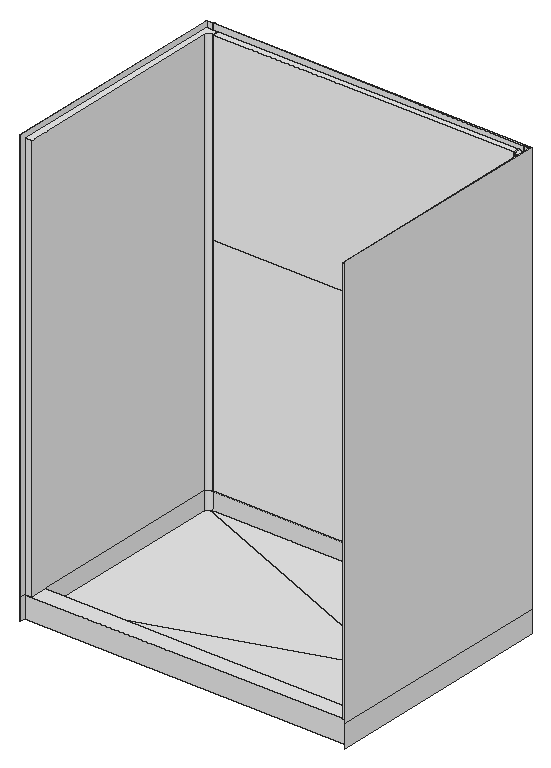
Revit family "5LES6042FB.V2 L-R", category Plumbing Fixtures, Revit 2019
Family settings
  Round Connector Dimension = Use Diameter
  Part Type = Normal
  OmniClass Number = 23.45.05.14.17
  OmniClass Title = Showers
  Work Plane-Based = No
  Always vertical = Yes
  Cut with Voids When Loaded = No
  Shared = No
  Room Calculation Point = No
Parameters (values of type "5LES6042FB.V2 L/R")
  Unit Width = 60"
  Unit Height = 80 1/2"
  Unit Depth = 43"
  URL = "http://www.bestbath.com/"
  Type Comments = "Remodeler"
  Model = "5LES6042FB.V2 L/R"
  Material [instance] = Best Bath Gelcoat Fiberglass - 4x8 Subway Tile
  Manufacturer = "Best Bath Systems, Inc."
  Keynote = "22 40 00.B3"
  Description = "Eight Inch Tile"
  Assembly Code = "D2010710"
Reference planes (in)
  plane 1: z = 0
  plane 2 "Left": x = 0
  plane 3: z = 79.5
  plane 4: z = 80.5
  plane 5: y = 4.36165
  plane 6: y = 46.36165
  plane 7: x = 60
  plane 8: y = 45.11165
  plane 9: y = 25.36165
  plane 10: z = 0.375
  plane 11: z = 0.75
  plane 12: z = 45.5
  plane 13: z = 4
  plane 14: y = 3.36165
  plane 15: z = 49.125
  plane 16: x = 51
  plane 17: z = 21.5
  plane 18: x = 30
Forms (in)
  Extrusion 1, solid, material "Best Bath Gelcoat Fiberglass - Smooth"
    sketch origin (0, 0, 0) x (1, 0, 0) y (0, 1, 0)
      loop
        line (0, 4.36165) -> (60, 4.36165) -> (60, 46.36165) -> (0, 46.36165) -> (0, 4.36165)
      loop
        circle (51, 25.36165) r 1.625
    from 0 to 0.75
  Extrusion 2, solid, material "Best Bath Gelcoat Fiberglass - Smooth"
    sketch origin (0, 0, 0) x (1, 0, 0) y (0, 1, 0)
      loop
        line (2.25, 46.36165) -> (2.25, 45.11165) -> (57.75, 45.11165) -> (57.75, 46.36165) -> (2.25, 46.36165)
    from 4 to 45.5
  Blend 3, void
    base sketch origin (0, 0, 0) x (1, 0, 0) y (0, 1, 0)
      loop
        line (1.25, 8.38049) -> (58.75, 8.38049) -> (58.75, 45.11165) -> (1.25, 45.11165) -> (1.25, 8.38049)
    top sketch origin (0, 0, 0) x (1, 0, 0) y (0, 1, 0)
      loop
        circle (51, 25.36165) r 0.07952
    from 0.75 to 0.375
  Extrusion 4, solid, material "Best Bath Gelcoat Fiberglass - Smooth"
    sketch origin (0, 0, 0) x (1, 0, 0) y (0, 1, 0)
      loop
        line (2.25, 46.36165) -> (2.25, 45.11165) -> (57.75, 45.11165) -> (57.75, 46.36165) -> (2.25, 46.36165)
    from 45.5 to 79.5
  Extrusion 5, solid, material "Best Bath Gelcoat Fiberglass - Smooth"
    sketch origin (0.25, 0, 0) x (1, 0, 0) y (0, 1, 0)
      loop
        line (-0.25, 4.36165) -> (1, 4.36165) -> (1, 44.11165)
        arc (1, 44.11165) -> (1.29289, 44.81875) -> (2, 45.11165) r 1
        line (2, 45.11165) -> (2, 46.36165) -> (-0.25, 46.36165) -> (-0.25, 4.36165)
      loop
        line (59.75, 4.36165) -> (59.75, 46.36165) -> (57.5, 46.36165) -> (57.5, 45.11165)
        arc (57.5, 45.11165) -> (58.20711, 44.81875) -> (58.5, 44.11165) r 1
        line (58.5, 44.11165) -> (58.5, 4.36165) -> (59.75, 4.36165)
    from 4 to 79.5
  Extrusion 6, solid, material "Best Bath Gelcoat Fiberglass - Smooth"
    sketch origin (0, 0, 0) x (1, 0, 0) y (0, 1, 0)
      loop
        line (0, 46.36165) -> (0, 4.36165) -> (1.25, 4.36165) -> (1.25, 44.11165)
        arc (1.25, 44.11165) -> (1.54289, 44.81875) -> (2.25, 45.11165) r 1
        line (2.25, 45.11165) -> (57.75, 45.11165)
        arc (57.75, 45.11165) -> (58.45711, 44.81875) -> (58.75, 44.11165) r 1
        line (58.75, 44.11165) -> (58.75, 4.36165) -> (60, 4.36165) -> (60, 45.11165) -> (60, 46.36165) -> (0, 46.36165)
    from 0 to 4
  Sweep 7, solid, material "Best Bath Gelcoat Fiberglass - Smooth"
    path origin (0, 0, 0) x (1, 0, 0) y (0, 1, 0)
      loop
        line (1.25, 4.36165) -> (58.75, 4.36165)
    profile origin (30, 4.36165, 0) x (0, 1, 0) y (0, 0, 1)
      loop
        line (0, 0) -> (3.8, 0) -> (3, 4) -> (0, 4) -> (0, 0)
  Extrusion 8, solid, material "Best Bath Gelcoat Fiberglass - Smooth"
    sketch origin (0, 0, 0) x (1, 0, 0) y (0, 1, 0)
      loop
        line (0, 4.36165) -> (0, 3.36165) -> (0.125, 3.36165) -> (0.125, 4.36165) -> (0, 4.36165)
      loop
        line (60, 4.36165) -> (59.875, 4.36165) -> (59.875, 3.36165) -> (60, 3.36165) -> (60, 4.36165)
    from 0 to 4
  Extrusion 9, solid, material "Best Bath Gelcoat Fiberglass - Smooth"
    sketch origin (0, 0, 0) x (1, 0, 0) y (0, 1, 0)
      loop
        line (1.25, 46.36165) -> (1.25, 46.23665) -> (58.75, 46.23665) -> (58.75, 46.36165) -> (1.25, 46.36165)
    from 79.5 to 80.5
  Extrusion 10, solid, material "Best Bath Gelcoat Fiberglass - Smooth"
    sketch origin (0, 0, 0) x (1, 0, 0) y (0, 1, 0)
      loop
        line (0, 3.36165) -> (0.125, 3.36165) -> (0.125, 46.23665) -> (1.25, 46.23665) -> (1.25, 46.36165) -> (0, 46.36165) -> (0, 3.36165)
      loop
        line (60, 3.36165) -> (60, 46.36165) -> (58.75, 46.36165) -> (58.75, 46.23665) -> (59.875, 46.23665) -> (59.875, 3.36165) -> (60, 3.36165)
    from 4 to 80.5
Cuts and joins
  Blend 3 cuts Extrusion 1
  joined: Extrusion 1, Extrusion 6, Sweep 7, Extrusion 8
  joined: Extrusion 4, Extrusion 9
  joined: Extrusion 5, Extrusion 10
Dimensions and locks (in)
  locked: plane 4 to plane 3 at 1
  "Unit Height": plane 4 to level
  "Unit Width": plane 2 "Left" to plane 7
  plane 6 to plane 8 = 1 1/4"
  locked: plane 6 to plane 9 at 21
  locked: plane 11 to level at 0.75
  locked: plane 11 to plane 10 at 0.375
  locked: plane 12 to plane 13 at 41.5
  plane 13 to level = 4"
  locked: plane 5 to plane 14 at 1
  "Unit Depth": plane 6 to plane 14
  locked: plane 15 to plane 12 at 3.625
  cut or joined group of Extrusion 1, Blend 3, Extrusion 6, Sweep 7, Extrusion 8 to plane 5 = 3"
  locked: plane 17 to plane 13 at 17.5
  locked: plane 16 to plane 7 at 9
  aligned and locked: level to plane 1
  aligned and locked: Extrusion 1 sketch curve to plane 5
  aligned and locked: Extrusion 1 sketch curve to plane 2 "Left"
  aligned and locked: plane 6 to Extrusion 1 sketch curve
  aligned and locked: Extrusion 1 sketch curve to plane 7
  aligned and locked: plane 9 to Extrusion 1 sketch curve
  aligned and locked: plane 11 to Extrusion 1
  aligned and locked: plane 9 to Blend 3 sketch curve
  aligned and locked: Extrusion 1 to Blend 3
  aligned and locked: Blend 3 to plane 10
  aligned and locked: plane 12 to Extrusion 2
  aligned and locked: Extrusion 4 to Extrusion 2
  aligned and locked: plane 3 to Extrusion 4
  aligned and locked: plane 3 to Extrusion 5
  aligned and locked: plane 13 to Extrusion 6
  aligned and locked: Extrusion 5 to plane 13
  aligned and locked: plane 13 to cut or joined group of Extrusion 1, Blend 3, Extrusion 6, Sweep 7, Extrusion 8
  aligned and locked: Extrusion 2 to plane 13
  aligned and locked: Extrusion 8 to Extrusion 2
  aligned and locked: Extrusion 9 to plane 3
  aligned and locked: plane 4 to Extrusion 9
  aligned and locked: Extrusion 10 to Extrusion 2
  aligned and locked: plane 4 to Extrusion 10
  aligned and locked: plane 16 to Extrusion 1 sketch curve
  aligned and locked: plane 16 to Blend 3 sketch curve
  aligned and locked: Extrusion 2 to cut or joined group of Extrusion 4, Extrusion 9
  aligned and locked: Extrusion 4 to cut or joined group of Extrusion 5, Extrusion 10  (x2)
Automatic sketch dimensions
  Extrusion 2 sketch curve to plane 8 = 0"
  Extrusion 2 sketch curve to plane 6 = 0"
  plane 2 "Left" to Extrusion 2 sketch curve = 2 1/4"
  plane 7 to Extrusion 2 sketch curve = 2 1/4"
  Blend 3 sketch curve to plane 8 = 0"
  plane 2 "Left" to Blend 3 sketch curve = 1 1/4"
  plane 7 to Blend 3 sketch curve = 1 1/4"
  plane 5 to Blend 3 sketch curve = 4.01884"
  Extrusion 4 sketch curve to plane 8 = 0"
  Extrusion 4 sketch curve to plane 6 = 0"
  plane 2 "Left" to Extrusion 4 sketch curve = 2 1/4"
  plane 7 to Extrusion 4 sketch curve = 2 1/4"
  Extrusion 6 sketch curve to plane 2 "Left" = 0"
  Extrusion 6 sketch curve to plane 5 = 0"  (x2)
  Extrusion 6 sketch curve to plane 8 = 0"  (x2)
  Extrusion 6 sketch curve to plane 7 = 0"
  Extrusion 6 sketch curve to plane 6 = 0"
  Extrusion 6 sketch curve to Extrusion 6 sketch curve = 1 1/4"
  Extrusion 6 sketch curve to Extrusion 6 sketch curve = 1"
  Extrusion 6 sketch curve to plane 8 = 1"
  plane 7 to Extrusion 6 sketch curve = 2 1/4"
  Sweep 7 sketch curve to plane 5 = 0"
  plane 2 "Left" to Sweep 7 sketch curve = 1 1/4"
  plane 7 to Sweep 7 sketch curve = 1 1/4"
  Sweep 7 sketch curve to profile plane = 0"
  Sweep 7 sketch curve to level = 0"
  Sweep 7 sketch curve to profile plane = 3.8"
  level to Sweep 7 sketch curve = 4"
  Extrusion 8 sketch curve to plane 2 "Left" = 0"
  Extrusion 8 sketch curve to plane 14 = 0"  (x2)
  Extrusion 8 sketch curve to plane 5 = 0"  (x2)
  Extrusion 8 sketch curve to plane 7 = 0"
  plane 2 "Left" to Extrusion 8 sketch curve = 1/8"
  Extrusion 8 sketch curve to Extrusion 8 sketch curve = 1/8"
  Extrusion 9 sketch curve to plane 6 = 0"
  Extrusion 9 sketch curve to plane 6 = 1/8"
  plane 2 "Left" to Extrusion 9 sketch curve = 1 1/4"
  plane 7 to Extrusion 9 sketch curve = 1 1/4"
  Extrusion 10 sketch curve to plane 2 "Left" = 0"
  Extrusion 10 sketch curve to plane 14 = 0"  (x2)
  Extrusion 10 sketch curve to plane 6 = 0"  (x2)
  Extrusion 10 sketch curve to plane 7 = 0"
  plane 2 "Left" to Extrusion 10 sketch curve = 1/8"
  Extrusion 10 sketch curve to plane 6 = 1/8"  (x2)
  Extrusion 10 sketch curve to Extrusion 10 sketch curve = 1 1/8"
  plane 7 to Extrusion 10 sketch curve = 1 1/4"
  plane 7 to Extrusion 10 sketch curve = 1/8"
  Sweep 7 sketch curve to profile plane = 3"
  Extrusion 5 sketch curve to plane 2 "Left" = 0"
  Extrusion 5 sketch curve to plane 5 = 0"  (x2)
  Extrusion 5 sketch curve to plane 6 = 0"  (x2)
  Extrusion 5 sketch curve to plane 8 = 0"  (x2)
  Extrusion 5 sketch curve to plane 7 = 0"
  Extrusion 5 sketch curve to Extrusion 5 sketch curve = 1 1/4"
  Extrusion 5 sketch curve to Extrusion 5 sketch curve = 2 1/4"
  Extrusion 5 sketch curve to plane 8 = 1"
  plane 7 to Extrusion 5 sketch curve = 2 1/4"
  radius of Extrusion 1 sketch curve = 1 5/8"
  radius of Blend 3 sketch curve = 0.07952"
